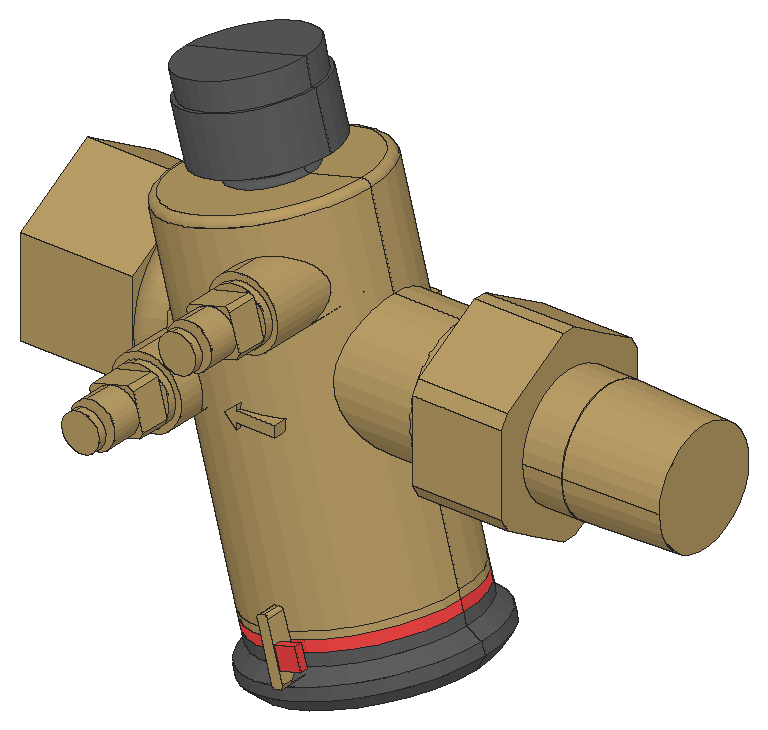
Revit family "M_Valve_Control_MEPcontent_Oventrop_Cocon QTZ Female-Coupling 1146", category Pipe Accessories, Revit 2015
Parameters (values of type "DN 32 (600-3600)")
  r3 = SW1_2 / 2 - Ra2  # 5.037 mm
  r2 = 2.000 mm  # constant formula
  r1 = Lb3 * 2 / 3  # 1.000 mm
  d3 = 8.000 mm  # constant formula
  d2 = 2.000 mm  # constant formula
  d1 = 5.000 mm  # constant formula
  Wholesaler Art. No. = ""
  Wholesaler = ""
  Watermarked By = "www.stabiplan.com"
  Use Nominal Diameter [instance] = no
  built-in parameter 1114242 [instance] = 1
  URL = "www.stabiplan.com"
  Stabu Code = ""
  Revit Version = "2015"  # constant formula
  Product Line = "Oventrop"  # constant formula
  SW2_2 = SW1_2 / sqrt(3 / 4)  # 51.962 mm
  SW2_1_051 = SW2_1_05 - 1.000 mm  # 24.981 mm
  SW2_1_05 = SW2_1 / 2  # 25.981 mm
  SW2_1 = SW1_1 / sqrt(3 / 4)  # 51.962 mm
  SW1_2 = SW1_1  # 45.000 mm
  SW1_1 = 45.000 mm
  Rv4 = Rv1 - 1.000 mm  # 5.000 mm
  Rv3 = (Rv1 + Rv2) / 2  # 7.700 mm
  Rv2 = 9.400 mm  # constant formula
  Rv1 = 6.000 mm  # constant formula
  Red = Color RGB 255-0-0
  Rb5 = Rb4 + 1.000 mm  # 17.500 mm
  Rb4 = 16.500 mm  # constant formula
  Rb3 = 9.000 mm  # constant formula
  Rb2 = Rb1 + (Hb5 / 3)  # 30.158 mm
  Rb1b = Rb1 + 1.000 mm  # 27.825 mm
  Rb1 = (Height1 + Height2) * 18.500 mm / 100.000 mm  # 26.825 mm
  Ra2 = if(NominalDiameter1 > NominalDiameter2, (NominalDiameter1 * 22 / 20) / 2, (NominalDiameter2 * 22 / 20) / 2)  # 17.463 mm
  Ra1b = Ra1 - 1.000 mm  # 14.875 mm
  Ra1 = NominalRadius1  # 15.875 mm
  Pressure Drop = 0.0 Pa
  OuterRadius1 [instance] = OuterDiameter1 / 2  # 21.200 mm
  OuterDiameter1 = 42.400 mm
  NominalRadius2 = NominalRadius1  # 15.875 mm
  NominalRadius1 = 15.875 mm
  NominalRadius [instance] = if(Use Nominal Diameter, NominalRadius1, OuterRadius1)  # 21.200 mm
  NominalDiameter2 = NominalRadius2 * 2  # 31.750 mm
  NominalDiameter1 = NominalRadius1 * 2  # 31.750 mm
  Model = "Cocon QTZ Female-Coupling 1146"
  Manufacturer = "Oventrop"  # constant formula
  MEPcontent Class = "VALVE_CONTROL"  # constant formula
  Lb8 = Rb1 * 13 / 18.5  # 18.850 mm
  Lb3 = 1.500 mm  # constant formula
  Lb2 = 5.000 mm  # constant formula
  Lb1 = Rb1 / 2  # 13.413 mm
  Language = ""
  LMx = L5 + (Rb1 / sin(Angle)) + 1.000 mm  # 58.934 mm
  L5 = NominalDiameter2 * 19 / 20  # 30.163 mm
  L4 = NominalDiameter1 * 15 / 20  # 23.812 mm
  L3 = NominalDiameter1 * 16 / 20  # 25.400 mm
  Length2 = 165.000 mm
  L1_2 = Length1 + 5.000 mm  # 129.000 mm
  Length1 = 124.000 mm
  Internal Art. No. = ""
  IFCExportType = "REGULATING"
  IFCExportAs = "IfcValveType"
  Hb9 = 17.000 mm  # constant formula
  Hb8 = 2.000 mm  # constant formula
  Hb7 = 2.000 mm  # constant formula
  Hb6 = 6.000 mm  # constant formula
  Hb5 = 10.000 mm  # constant formula
  Hb4 = 5.000 mm  # constant formula
  Hb3 = 15.000 mm  # constant formula
  Hb2 = 7.000 mm  # constant formula
  Hb1 = (H4 - Hb2 - Hb3 - Hb4) / 2  # 18.400 mm
  H6 = 74.600 mm
  H5 = Rb1 / tan(Angle)  # 7.188 mm
  H4 = 63.800 mm
  H3 = Rb4 / tan(Angle)  # 4.421 mm
  Height2 = 79.000 mm
  Height1 = 66.000 mm
  GTIN = "4026755340198"
  Function Code [instance] = ""
  Family Version = "10.14"  # constant formula
  ETIM Article Class = "EC011435"
  EMCS Version = "2.0"  # constant formula
  Description = "Flow control valve - with pressure test points"  # constant formula
  Manufacturer URL = "http://www.oventrop.de/ArticleInfo.aspx?art=1146110"
  Custom = no
  Copyright = "© Stabiplan International BV"  # constant formula
  Content Supplier URL = "www.mepcontent.eu"
  CB-NL Class = ""
  Brass = Color RGB 168-128-48
  Black = Color RGB 35-35-35
  Article Type = "Cocon QTZ Female-Coupling 1146"  # constant formula
  Article Description = "Flow control valve - with pressure test points"  # constant formula
  Arrow_2 = Rb1 / 6  # 4.471 mm
  Arrow_1 = Rb1 / 4  # 6.706 mm
  Angle = 75.00°  # constant formula
  Manufacturer Art. No. = "1146110"
Types (7, lengths in mm): name | r3 | Use Nominal Diameter | SW2_2 | SW2_1_051 | SW2_1_05 | SW2_1 | SW1_2 | SW1_1 | Rb2 | Rb1b | Rb1 | Ra2 | Ra1b | Ra1 | OuterRadius1 | OuterDiameter1 | NominalRadius2 | NominalRadius1 | NominalRadius | NominalDiameter2 | NominalDiameter1 | Lb8 | Lb1 | LMx | L5 | L4 | L3 | Length2 | L1_2 | Length1 | Hb1 | H6 | H5 | H4 | Height2 | Height1 | GTIN | Manufacturer URL | Arrow_2 | Arrow_1 | Manufacturer Art. No.
  DN 20 (150-1050) | 4.522 | yes | 34.641 | 16.321 | 17.321 | 34.641 | 30.000 | 30.000 | 21.833 | 19.500 | 18.500 | 10.478 | 8.525 | 9.525 | 13.450 | 26.900 | 9.525 | 9.525 | 9.525 | 19.050 | 19.050 | 13.000 | 9.250 | 38.250 | 18.098 | 14.288 | 15.240 | 106.000 | 79.000 | 74.000 | 11.200 | 44.700 | 4.957 | 49.400 | 48.000 | 52.000 | "4026755306699" | "http://www.oventrop.de/ArticleInfo.aspx?art=1146006" | 3.083 | 4.625 | "1146006"
  DN 15 (30-210) | 5.015 | yes | 27.713 | 12.856 | 13.856 | 27.713 | 24.000 | 24.000 | 21.833 | 19.500 | 18.500 | 6.985 | 5.350 | 6.350 | 10.650 | 21.300 | 6.350 | 6.350 | 6.350 | 12.700 | 12.700 | 13.000 | 9.250 | 32.218 | 12.065 | 9.525 | 10.160 | 98.500 | 75.000 | 70.000 | 11.200 | 44.700 | 4.957 | 49.400 | 48.000 | 52.000 | "4026755244960" | "http://www.oventrop.de/ArticleInfo.aspx?art=1146004" | 3.083 | 4.625 | "1146004"
  DN 20 (180-1300) | 4.522 | yes | 34.641 | 16.321 | 17.321 | 34.641 | 30.000 | 30.000 | 24.146 | 21.813 | 20.813 | 10.478 | 8.525 | 9.525 | 13.450 | 26.900 | 9.525 | 9.525 | 9.525 | 19.050 | 19.050 | 14.625 | 10.406 | 40.644 | 18.098 | 14.288 | 15.240 | 117.500 | 90.500 | 85.500 | 14.300 | 50.900 | 5.577 | 55.600 | 54.500 | 58.000 | "4026755347661" | "http://www.oventrop.de/ArticleInfo.aspx?art=1146106" | 3.469 | 5.203 | "1146106"
  DN 25 (300-2000) | 4.030 | yes | 41.569 | 19.785 | 20.785 | 41.569 | 36.000 | 36.000 | 30.158 | 27.825 | 26.825 | 13.970 | 11.700 | 12.700 | 16.850 | 33.700 | 12.700 | 12.700 | 12.700 | 25.400 | 25.400 | 18.850 | 13.413 | 52.901 | 24.130 | 19.050 | 20.320 | 154.000 | 123.000 | 118.000 | 18.400 | 74.600 | 7.188 | 63.800 | 79.000 | 66.000 | "4026755340181" | "http://www.oventrop.de/ArticleInfo.aspx?art=1146108" | 4.471 | 6.706 | "1146108"
  DN 32 (600-3600) | 5.037 | no | 51.962 | 24.981 | 25.981 | 51.962 | 45.000 | 45.000 | 30.158 | 27.825 | 26.825 | 17.463 | 14.875 | 15.875 | 21.200 | 42.400 | 15.875 | 15.875 | 21.200 | 31.750 | 31.750 | 18.850 | 13.413 | 58.934 | 30.163 | 23.812 | 25.400 | 165.000 | 129.000 | 124.000 | 18.400 | 74.600 | 7.188 | 63.800 | 79.000 | 66.000 | "4026755340198" | "http://www.oventrop.de/ArticleInfo.aspx?art=1146110" | 4.471 | 6.706 | "1146110"
  DN 15 (90-450) | 5.015 | yes | 27.713 | 12.856 | 13.856 | 27.713 | 24.000 | 24.000 | 21.833 | 19.500 | 18.500 | 6.985 | 5.350 | 6.350 | 10.650 | 21.300 | 6.350 | 6.350 | 6.350 | 12.700 | 12.700 | 13.000 | 9.250 | 32.218 | 12.065 | 9.525 | 10.160 | 98.500 | 75.000 | 70.000 | 11.200 | 44.700 | 4.957 | 49.400 | 48.000 | 52.000 | "4026755244977" | "http://www.oventrop.de/ArticleInfo.aspx?art=1146104" | 3.083 | 4.625 | "1146104"
  DN 15 (150-1050) | 5.015 | yes | 27.713 | 12.856 | 13.856 | 27.713 | 24.000 | 24.000 | 21.833 | 19.500 | 18.500 | 6.985 | 5.350 | 6.350 | 10.650 | 21.300 | 6.350 | 6.350 | 6.350 | 12.700 | 12.700 | 13.000 | 9.250 | 32.218 | 12.065 | 9.525 | 10.160 | 98.500 | 75.000 | 70.000 | 11.200 | 44.700 | 4.957 | 49.400 | 48.000 | 52.000 | "4026755244984" | "http://www.oventrop.de/ArticleInfo.aspx?art=1146204" | 3.083 | 4.625 | "1146204"
Reference planes
  plane 1 "Center (Front/Back)": y = 0
  plane 2: z = 0
  plane 3 "Center (Left/Right)": x = 0
  plane 4: x = 57.1
  plane 5: x = -82.5
  plane 6: x = 82.5
  plane 7: x = 46.5
  plane 8: x = -57.1
  plane 9: x = -52.338
  plane 10: x = -23.566
  plane 11: x = 22.688
  plane 12: y = 22.5
  plane 13: y = -22.5
  plane 14: z = 25.981
  plane 15: z = -25.981
  plane 16: y = 22.5
  plane 17: y = -22.5
  plane 18: z = 25.981
  plane 19: z = -25.981
  plane 20: z = 17.463
  plane 21: z = 22.5
  plane 22: x = -47.3
  plane 23: x = 17.65
  plane 24: y = -26.825
  plane 25: y = -31.825
  plane 26: y = -41.825
  plane 27: y = -49.825
  plane 28: y = -29.825
  plane 29: x = -30.272
  plane 30: x = -16.86
  plane 31: y = 27.825
  plane 32: x = -10.154
  plane 33: z = -7
  plane 34: x = -20.213
  plane 35: x = -13.507
  plane 36: y = -27.825
  plane 37: y = -51.825
  plane 38: y = -53.825
  plane 39: y = -33.825
  plane 40: x = -28.55
  plane 41: x = 28.55
  plane 42: z = 48.481
  plane 43: z = 70.981
  plane 44: y = 45
  plane 45: y = 67.5
Forms (mm)
  Blend 1, solid, material "Color RGB 168-128-48" <- "Brass", detail levels fine
    base sketch origin (0, 0, 0) x (0, 1, 0) y (0, 0, 1)
      loop
        circle (0, 0) r 15.875
    top sketch origin (0, 0, 0) x (0, 1, 0) y (0, 0, 1)
      loop
        circle (0, 0) r 14.875
    from 57.1 to 82.5
  Extrusion 2, solid, material "Color RGB 168-128-48" <- "Brass", detail levels fine
    sketch origin (0, 0, 0) x (0, 1, 0) y (0, 0, 1)
      loop
        circle (0, 0) r 15.875
    from 46.5 to 57.1
  Extrusion 3, solid, material "Color RGB 168-128-48" <- "Brass", detail levels fine
    sketch origin (0, 0, 0) x (0, 1, 0) y (0, 0, 1)
      loop
        circle (0, 0) r 17.463
    from -57.1 to -52.338
  Extrusion 4, solid, material "Color RGB 168-128-48" <- "Brass", detail levels fine
    sketch origin (0, 0, 0) x (0, 1, 0) y (0, 0, 1)
      loop
        line (0, 25.981) -> (-22.5, 12.99) -> (-22.5, -12.99) -> (0, -25.981) -> (22.5, -12.99) -> (22.5, 12.99) -> (0, 25.981)
    from 22.687 to 46.5
  Extrusion 5, void
    sketch origin (0, 0, 0) x (0, 1, 0) y (0, 0, 1)
      loop
        circle (0, 0) r 25.981
      loop
        circle (0, 0) r 24.981
    from 0 to 57.1
  Extrusion 6, solid, material "Color RGB 168-128-48" <- "Brass", detail levels fine
    sketch origin (0, 0, 0) x (0, 1, 0) y (0, 0, 1)
      loop
        line (0, 25.981) -> (-22.5, 12.99) -> (-22.5, -12.99) -> (0, -25.981) -> (22.5, -12.99) -> (22.5, 12.99) -> (0, 25.981)
    from -82.5 to -52.338
  Revolve 7, solid, material "Color RGB 35-35-35" <- "Black", detail levels fine
    sketch origin (-23.566, 0, 0) x (-0.258819, 0, 0.965926) y (-0.965926, 0, -0.258819)
      loop
        line (63.8, 0) -> (36.8, 0) -> (36.8, -10.667)
        arc (36.8, -10.667) -> (37.288, -9.488) -> (38.467, -9) r 1.667
        line (38.467, -9) -> (40.133, -9)
        arc (40.133, -9) -> (41.312, -9.488) -> (41.8, -10.667) r 1.667
        line (41.8, -10.667) -> (41.8, -17.5) -> (56.8, -17.5) -> (56.8, -16.5) -> (63.8, -16.5) -> (63.8, 0)
      axis (36.8, 0) -> (63.8, 0)
    angle from 0 to 360
  Revolve 8, solid, material "Color RGB 35-35-35" <- "Black", detail levels fine
    sketch origin (-23.566, 0, 0) x (-0.258819, 0, 0.965926) y (-0.965926, 0, -0.258819)
      loop
        line (-74.6, 0) -> (-74.6, -26.825) -> (-71.267, -30.158) -> (-67.933, -30.158) -> (-64.6, -26.825) -> (-61.6, -26.825) -> (-61.6, 0) -> (-74.6, 0)
      axis (-74.6, 0) -> (-61.6, 0)
    angle from 0 to 360
  Revolve 9, solid, material "Color RGB 255-0-0" <- "Red", detail levels fine
    sketch origin (-23.566, 0, 0) x (-0.258819, 0, 0.965926) y (-0.965926, 0, -0.258819)
      loop
        line (-61.6, 0) -> (-61.6, -26.825) -> (-58.6, -26.825) -> (-58.6, 0) -> (-61.6, 0)
      axis (-61.6, 0) -> (-58.6, 0)
    angle from 0 to 360
  Revolve 10, solid, material "Color RGB 168-128-48" <- "Brass", detail levels fine
    sketch origin (-23.566, 0, 0) x (-0.258819, 0, 0.965926) y (-0.965926, 0, -0.258819)
      loop
        line (-56.6, 0) -> (-58.6, 0) -> (-58.6, -26.825) -> (-56.6, -26.825) -> (-56.6, 0)
      axis (-58.6, 0) -> (-56.6, 0)
    angle from 0 to 360
  Revolve 11, solid, material "Color RGB 168-128-48" <- "Brass", detail levels fine
    sketch origin (-23.566, 0, 0) x (-0.258819, 0, 0.965926) y (-0.965926, 0, -0.258819)
      loop
        line (-56.6, 0) -> (-56.6, -26.825) -> (34.8, -26.825)
        arc (34.8, -26.825) -> (36.214, -26.239) -> (36.8, -24.825) r 2
        line (36.8, -24.825) -> (36.8, 0) -> (-56.6, 0)
      axis (-56.6, 0) -> (36.8, 0)
    angle from 0 to 360
  Revolve 12, solid, material "Color RGB 168-128-48" <- "Brass", detail levels fine
    sketch origin (0, 0, 0) x (1, 0, 0) y (0, 0, 1)
      loop
        line (-52.338, 22.5) -> (-57.1, 22.5) -> (-57.1, 0) -> (46.5, 0) -> (46.5, 22.5) -> (22.688, 22.5)
        arc (22.688, 22.5) -> (21.212, 18.938) -> (17.65, 17.463) r 5.037
        line (17.65, 17.463) -> (-47.3, 17.463)
        arc (-47.3, 17.463) -> (-50.862, 18.938) -> (-52.338, 22.5) r 5.038
      axis (-57.1, 0) -> (46.5, 0)
    angle from 0 to 360
  Extrusion 13, solid, material "Color RGB 168-128-48" <- "Brass", detail levels fine
    sketch origin (-23.566, 0, 0) x (-0.258819, 0, 0.965926) y (-0.965926, 0, -0.258819)
      loop
        circle (18.4, -13.412) r 9.4
      loop
        circle (-2, 18.85) r 9.4
    from 0 to 31.825
  Extrusion 14, solid, material "Color RGB 168-128-48" <- "Brass", detail levels fine
    sketch origin (-23.566, 0, 0) x (-0.258819, 0, 0.965926) y (-0.965926, 0, -0.258819)
      loop
        circle (18.4, -13.412) r 6
      loop
        circle (-2, 18.85) r 6
    from 41.825 to 49.825
  Extrusion 15, solid, material "Color RGB 168-128-48" <- "Brass", detail levels fine
    sketch origin (-23.566, 0, 0) x (-0.258819, 0, 0.965926) y (-0.965926, 0, -0.258819)
      loop
        line (12.4, -7.412) -> (12.4, -19.413) -> (24.4, -19.413) -> (24.4, -7.412) -> (12.4, -7.412)
      loop
        line (-8, 24.85) -> (-8, 12.85) -> (4, 12.85) -> (4, 24.85) -> (-8, 24.85)
    from 33.825 to 41.825
  Extrusion 16, void
    sketch origin (-23.566, 0, 0) x (0.258819, 0, -0.965926) y (-0.965926, 0, -0.258819)
      loop
        circle (-18.4, -13.412) r 7.7
      loop
        circle (-18.4, -13.412) r 9.4
    from -41.825 to -33.825
  Extrusion 17, void
    sketch origin (-23.566, 0, 0) x (0.258819, 0, -0.965926) y (-0.965926, 0, -0.258819)
      loop
        circle (2, 18.85) r 7.7
      loop
        circle (2, 18.85) r 9.4
    from -41.825 to -33.825
  Extrusion 18, solid, material "Color RGB 168-128-48" <- "Brass", detail levels fine
    sketch origin (-23.566, 0, 0) x (-0.258819, 0, 0.965926) y (-0.965926, 0, -0.258819)
      loop
        arc (-51.933, -1.5) -> (-51.226, -1.207) -> (-50.933, -0.5) r 1
        line (-50.933, -0.5) -> (-50.933, 0.5)
        arc (-50.933, 0.5) -> (-51.226, 1.207) -> (-51.933, 1.5) r 1
        line (-51.933, 1.5) -> (-66.933, 1.5)
        arc (-66.933, 1.5) -> (-67.64, 1.207) -> (-67.933, 0.5) r 1
        line (-67.933, 0.5) -> (-67.933, -0.5)
        arc (-67.933, -0.5) -> (-67.64, -1.207) -> (-66.933, -1.5) r 1
        line (-66.933, -1.5) -> (-51.933, -1.5)
    from 0 to 31.825
  Extrusion 19, solid, material "Color RGB 255-0-0" <- "Red", detail levels fine
    sketch origin (-23.566, 0, 0) x (-0.258819, 0, 0.965926) y (-0.965926, 0, -0.258819)
      loop
        line (-57.6, -1.5) -> (-63.6, -1.5) -> (-63.6, -7.329) -> (-57.6, -7.329) -> (-57.6, -1.5)
    from 29.825 to 31.825
  Extrusion 20, solid, material "Color RGB 168-128-48" <- "Brass", detail levels fine
    sketch origin (0, 0, 0) x (1, 0, 0) y (0, 0, 1)
      loop
        line (-10.154, 2.235) -> (-23.566, 2.235) -> (-23.566, 4.471) -> (-30.272, 0) -> (-23.566, -4.471) -> (-23.566, -2.235) -> (-10.154, -2.235) -> (-10.154, 2.235)
    from 0 to -27.825
  Extrusion 21, solid, material "Color RGB 168-128-48" <- "Brass", detail levels fine
    sketch origin (0, 0, 0) x (1, 0, 0) y (0, 0, 1)
      loop
        line (-23.566, -7) -> (-20.213, -9.981) -> (-20.213, -8.49) -> (-10.154, -8.49) -> (-10.154, -5.51) -> (-20.213, -5.51) -> (-20.213, -4.019) -> (-23.566, -7)
    from 0 to 27.825
  Extrusion 22, solid, material "Color RGB 168-128-48" <- "Brass", detail levels fine
    sketch origin (-23.566, 0, 0) x (-0.258819, 0, 0.965926) y (-0.965926, 0, -0.258819)
      loop
        circle (-2, 18.85) r 5
      loop
        circle (18.4, -13.413) r 5
    from 51.825 to 53.825
  Extrusion 23, solid, material "Color RGB 202-154-58", detail levels fine
    sketch origin (-23.566, 0, 0) x (-0.258819, 0, 0.965926) y (-0.965926, 0, -0.258819)
      loop
        circle (18.4, -13.412) r 2
      loop
        circle (-2, 18.85) r 2
    from 49.825 to 51.825
  Extrusion 24, solid, material "Color RGB 168-128-48" <- "Brass", detail levels fine
    sketch origin (-23.566, 0, 0) x (-0.258819, 0, 0.965926) y (-0.965926, 0, -0.258819)
      loop
        circle (-2, 18.85) r 7.7
      loop
        circle (18.4, -13.412) r 7.7
    from 33.825 to 31.825
  Extrusion 25, void
    sketch origin (0, 0, 0) x (0, 1, 0) y (0, 0, 1)
      loop
        circle (0, 0) r 21.2
    from -57.1 to -82.5
Cuts and joins
  Extrusion 17, Extrusion 25 cuts Extrusion 3
  Extrusion 16, Extrusion 17 cuts Extrusion 15
  Extrusion 5, Extrusion 25 cuts Extrusion 4
  Extrusion 25 cuts Extrusion 6
  Extrusion 25 cuts Revolve 12
  joined: Extrusion 4, Extrusion 6, Revolve 12
  Extrusion 25 cuts Revolve 11
  Extrusion 25 cuts Extrusion 18
  Extrusion 25 cuts Extrusion 20
  Extrusion 25 cuts Extrusion 21
  joined: Revolve 11, Extrusion 18, Extrusion 20, Extrusion 21
  Extrusion 25 cuts Extrusion 13
Lines and regions (mm)
  reference lines
    curve 1: line (0, 45, 0) -> (0, 0, 25.981)
    curve 2: line (0, 0, -25.981) -> (0, -45, 0)
    curve 3: line (0, 0, 25.981) -> (0, -45, 0)
    curve 4: line (0, 45, 0) -> (0, 0, -25.981)
    curve 5: line (0, 0, 25.981) -> (0, -45, 0)
    curve 6: line (0, 0, -25.981) -> (0, 45, 0)
    curve 7: line (0, 0, 25.981) -> (0, 45, 0)
    curve 8: line (0, 0, -25.981) -> (0, -45, 0)
    curve 9: line (-23.566, 0, 0) -> (-45.566, 0, 82.104)
    curve 10: line (-23.566, 0, 0) -> (0.899, 0, -91.305)
    curve 11: line (-71.793, 0, 45.881) -> (-2.734, 0, 64.386)
    curve 12: line (1.148, 0, 49.897) -> (-67.911, 0, 31.392)
    curve 13: line (1.579, 0, 48.287) -> (-67.479, 0, 29.783)
    curve 14: line (2.011, 0, 46.677) -> (-67.048, 0, 28.173)
    curve 15: line (2.442, 0, 45.067) -> (-66.617, 0, 26.563)
    curve 16: line (7.204, 0, 27.294) -> (-61.854, 0, 8.79)
    curve 17: line (-4.546, 0, 71.147) -> (-73.605, 0, 52.643)
    curve 18: line (-42.443, 0, -63.655) -> (26.616, 0, -45.15)
    curve 19: line (-41.925, 0, -65.587) -> (27.134, 0, -47.082)
    curve 20: line (-41.149, 0, -68.484) -> (27.91, 0, -49.98)
    curve 21: line (-40.372, 0, -71.382) -> (28.686, 0, -52.878)
    curve 22: line (29.549, 0, -56.098) -> (-39.51, 0, -74.602)
    curve 23: line (31.275, 0, -62.537) -> (-37.784, 0, -81.041)
    curve 24: line (30.412, 0, -59.317) -> (-38.647, 0, -77.822)
    curve 25: line (-36.873, 0, 84.433) -> (-14.873, 0, 2.329)
    curve 26: line (-29.628, 0, 86.374) -> (-7.628, 0, 4.271)
    curve 27: line (-28.662, 0, 86.633) -> (-6.663, 0, 4.529)
    curve 28: line (2.345, 0, 6.943) -> (26.81, 0, -84.362)
    curve 29: line (5.564, 0, 7.806) -> (30.03, 0, -83.499)
    curve 30: line (-56.575, 0, -10.915) -> (12.484, 0, 7.589)
    curve 31: line (-43.7, 0, 2.309) -> (-40.299, 0, -10.383)
    curve 32: line (-15.089, 0, 20.183) -> (-9.136, 0, -2.033)
    curve 33: line (-10.228, 0, -43.982) -> (0.124, 0, -82.619)
    curve 34: line (-20.603, 0, -51.936) -> (-5.108, 0, -47.784)
    curve 35: line (-2.19, 0, -51.459) -> (1.552, 0, -65.426)
    curve 36: line (-42.184, 0, -64.621) -> (26.875, 0, -46.116)
  model lines, style "Accessories", detail levels coarse+medium
    curve 37: line (-57.1, 22.5, 0) -> (-57.1, -22.5, 0)
    curve 38: line (57.1, 22.5, 0) -> (57.1, -22.5, 0)
    curve 39: line (0, 0, 0) -> (0, 45, 0)
    curve 40: line (-28.55, 45, 0) -> (28.55, 45, 0)
    curve 41: line (28.55, 45, 0) -> (28.55, 67.5, 0)
    curve 42: line (28.55, 67.5, 0) -> (-28.55, 67.5, 0)
    curve 43: line (-28.55, 67.5, 0) -> (-28.55, 45, 0)
    curve 44: line (-57.1, 22.5, 0) -> (57.1, -22.5, 0)
    curve 45: line (57.1, 22.5, 0) -> (-57.1, -22.5, 0)
    curve 46: circle (0, 0, 0) r 15.875 normal (1, 0, 0)
    curve 47: line (-57.1, 0, 25.981) -> (-57.1, 0, -25.981)
    curve 48: line (57.1, 0, -25.981) -> (57.1, 0, 25.981)
    curve 49: line (0, 0, 48.481) -> (0, 0, 0)
    curve 50: line (-28.55, 0, 48.481) -> (28.55, 0, 48.481)
    curve 51: line (28.55, 0, 48.481) -> (28.55, 0, 70.981)
    curve 52: line (28.55, 0, 70.981) -> (-28.55, 0, 70.981)
    curve 53: line (-28.55, 0, 70.981) -> (-28.55, 0, 48.481)
    curve 54: line (-57.1, 0, 25.981) -> (57.1, 0, -25.981)
    curve 55: line (57.1, 0, 25.981) -> (-57.1, 0, -25.981)
Dimensions and locks
  "L3": plane 5 to plane 8
  "L3": plane 6 to plane 4
  "L5": plane 5 to plane 9
  "L1_2": plane 7 to plane 5
  "Length2": plane 6 to plane 5
  equal spacing: plane 4, plane 3 "Center (Left/Right)", plane 8
  "LMx": plane 5 to plane 10
  "L4": plane 7 to plane 11
  equal spacing: plane 14, level, plane 15
  "SW2_1": plane 14 to plane 15
  equal spacing: plane 12, plane 1 "Center (Front/Back)", plane 13
  "SW1_1": plane 12 to plane 13
  equal spacing: curve 2, plane 1 "Center (Front/Back)", curve 1
  "SW1_1": curve 2 to curve 1
  equal spacing: plane 18, level, plane 19
  "SW2_2": plane 19 to plane 18
  equal spacing: plane 16, plane 1 "Center (Front/Back)", plane 17
  "SW1_2": plane 16 to plane 17
  equal spacing: curve 6, plane 1 "Center (Front/Back)", curve 5
  "SW1_2": curve 5 to curve 6
  "Hb1": curve 16 to curve 10
  "H4": curve 17 to curve 10
  "Hb2": curve 17 to curve 11
  "Hb3": curve 12 to curve 11
  equal spacing: curve 12, curve 13, curve 14, curve 15
  "Hb4": curve 12 to curve 15
  "H6": curve 10 to curve 23
  "Hb5": curve 21 to curve 23
  equal spacing: curve 23, curve 24, curve 22, curve 21
  equal spacing: curve 21, curve 20, curve 19
  "Hb6": curve 21 to curve 19
  "Hb7": curve 19 to curve 18
  "Rb3": curve 25 to curve 9
  "Rb4": curve 26 to curve 9
  "Rb5": curve 27 to curve 9
  "Rb1": curve 28 to curve 9
  "Rb2": curve 29 to curve 9
  "Ra2": plane 20 to level
  "r3": plane 21 to plane 20
  "r3": plane 9 to plane 22
  "r3": plane 11 to plane 23
  "Hb8": curve 30 to curve 10
  "Lb8": curve 9 to curve 31
  "Lb1": curve 32 to curve 9
  equal spacing: Extrusion 15 sketch curve, curve 30, Extrusion 15 sketch curve
  equal spacing: Extrusion 15 sketch curve, curve 31, Extrusion 15 sketch curve
  "Rv1": curve 31 to Extrusion 15 sketch curve
  "Rv1": curve 30 to Extrusion 15 sketch curve
  equal spacing: Extrusion 15 sketch curve, curve 16, Extrusion 15 sketch curve
  "Rv1": Extrusion 15 sketch curve to curve 16
  equal spacing: Extrusion 15 sketch curve, curve 32, Extrusion 15 sketch curve
  "Rv1": curve 32 to Extrusion 15 sketch curve
  "Rb1": plane 1 "Center (Front/Back)" to plane 24
  "d1": plane 24 to plane 25
  "d3": plane 39 to plane 26
  "d3": plane 26 to plane 27
  "Lb3": curve 33 to curve 9
  "Hb9": curve 22 to curve 34
  equal spacing: Extrusion 18 sketch curve, curve 10, curve 33
  equal spacing: curve 19, curve 36, curve 18
  "Hb6": Extrusion 19 sketch curve to curve 36
  "d2": plane 28 to plane 25
  locked: curve 16 to Extrusion 14 sketch curve
  locked: curve 16 to Extrusion 16 sketch curve at 0  (x2)
  locked: curve 16 to Extrusion 13 sketch curve
  locked: Extrusion 16 sketch curve to curve 32 at 0  (x2)
  locked: Extrusion 14 sketch curve to curve 32 at 0
  locked: curve 31 to Extrusion 17 sketch curve at 0  (x2)
  locked: curve 31 to Extrusion 14 sketch curve at 0
  locked: curve 31 to Extrusion 13 sketch curve at 0
  locked: Extrusion 13 sketch curve to curve 32 at 0
  "Arrow_1": plane 30 to plane 10
  "Arrow_1": Extrusion 20 sketch curve to Extrusion 20 sketch curve
  equal spacing: Extrusion 20 sketch curve, Extrusion 20 sketch curve, level, Extrusion 20 sketch curve, Extrusion 20 sketch curve
  "Rb1b": plane 31 to plane 1 "Center (Front/Back)"
  "Hb2": level to plane 33
  equal spacing: plane 32, plane 35, plane 30, plane 34, plane 10
  equal spacing: plane 30, plane 10, plane 29
  equal spacing: Extrusion 21 sketch curve, Extrusion 21 sketch curve, plane 33, Extrusion 21 sketch curve, Extrusion 21 sketch curve
  "Arrow_2": Extrusion 21 sketch curve to Extrusion 21 sketch curve
  "Rb1b": plane 1 "Center (Front/Back)" to plane 36
  "d2": plane 27 to plane 37
  "d2": plane 37 to plane 38
  locked: curve 16 to Extrusion 22 sketch curve
  locked: curve 32 to Extrusion 22 sketch curve at 0
  locked: curve 30 to Extrusion 22 sketch curve at 0
  locked: curve 31 to Extrusion 22 sketch curve at 0
  locked: curve 31 to Extrusion 23 sketch curve at 0
  locked: curve 32 to Extrusion 23 sketch curve at 0
  locked: curve 16 to Extrusion 23 sketch curve
  locked: curve 30 to Extrusion 23 sketch curve
  "d2": plane 25 to plane 39
  locked: curve 30 to Extrusion 24 sketch curve at 0
  locked: curve 31 to Extrusion 24 sketch curve at 0
  locked: curve 32 to Extrusion 24 sketch curve at 0
  locked: curve 16 to Extrusion 24 sketch curve
  "SW1_1": plane 12 to plane 45
  equal spacing: plane 12, plane 44, plane 45
  "SW1_1": plane 43 to plane 14
  equal spacing: plane 43, plane 42, plane 14
  equal spacing: plane 41, plane 3 "Center (Left/Right)", plane 40, plane 8
  "Ra1": radius of Blend 1 sketch curve
  "Ra1b": radius of Blend 1 sketch curve
  "Ra1": radius of Extrusion 2 sketch curve
  "Ra2": radius of Extrusion 3 sketch curve
  "SW2_1_05": radius of Extrusion 5 sketch curve
  "SW2_1_051": radius of Extrusion 5 sketch curve
  "r2": radius of Revolve 11 sketch curve
  "Rv2": radius of Extrusion 13 sketch curve  (x2)
  "Rv1": radius of Extrusion 14 sketch curve  (x2)
  "Rv3": radius of Extrusion 16 sketch curve
  "Rv2": radius of Extrusion 16 sketch curve
  "Rv3": radius of Extrusion 17 sketch curve
  "Rv2": radius of Extrusion 17 sketch curve
  "r1": radius of Extrusion 18 sketch curve  (x4)
  "Rv4": radius of Extrusion 22 sketch curve  (x2)
  "r2": radius of Extrusion 23 sketch curve  (x2)
  "Rv3": radius of Extrusion 24 sketch curve  (x2)
  "NominalRadius1": radius of curve 46
  "NominalRadius": radius of Extrusion 25 sketch curve
  "Angle": angle curve 9 to level
  locked: curve 11 to curve 9 (angle 90.00°)
  aligned and locked: level to plane 2
  aligned and locked: plane 6 to Blend 1
  aligned and locked: Blend 1 to plane 4
  aligned and locked: Extrusion 2 to plane 7
  aligned and locked: plane 4 to Extrusion 2
  aligned and locked: plane 1 "Center (Front/Back)" to curve 1
  aligned and locked: Extrusion 4 sketch curve to curve 3
  aligned and locked: plane 13 to Extrusion 4 sketch curve
  aligned and locked: Extrusion 4 sketch curve to curve 2
  aligned and locked: Extrusion 4 sketch curve to curve 4
  aligned and locked: Extrusion 4 sketch curve to plane 12
  aligned and locked: curve 1 to Extrusion 4 sketch curve
  aligned and locked: plane 7 to Extrusion 4
  aligned and locked: Extrusion 4 to plane 11
  aligned and locked: plane 4 to Extrusion 5
  aligned and locked: Extrusion 5 to plane 3 "Center (Left/Right)"
  aligned and locked: plane 18 to curve 5
  aligned and locked: level to curve 5
  aligned and locked: level to curve 6
  aligned and locked: Extrusion 6 sketch curve to curve 5
  aligned and locked: plane 17 to Extrusion 6 sketch curve
  aligned and locked: Extrusion 6 sketch curve to curve 8
  aligned and locked: Extrusion 6 sketch curve to curve 6
  aligned and locked: Extrusion 6 sketch curve to plane 16
  aligned and locked: Extrusion 6 sketch curve to curve 7
  aligned and locked: plane 5 to Extrusion 6
  aligned and locked: Extrusion 6 to plane 9
  aligned and locked: Extrusion 3 to plane 8
  aligned and locked: plane 10 to curve 9
  aligned and locked: plane 2 to curve 9
  aligned and locked: curve 10 to curve 9
  aligned and locked: curve 12 to curve 11  (x2)
  aligned and locked: curve 13 to curve 11  (x2)
  aligned and locked: curve 14 to curve 11  (x2)
  aligned and locked: curve 15 to curve 11  (x2)
  aligned and locked: curve 16 to curve 11  (x2)
  aligned and locked: curve 11 to curve 17  (x2)
  aligned and locked: curve 18 to curve 11  (x2)
  aligned and locked: curve 19 to curve 11  (x2)
  aligned and locked: curve 20 to curve 11  (x2)
  aligned and locked: curve 21 to curve 11  (x2)
  aligned and locked: curve 22 to curve 11  (x2)
  aligned and locked: curve 23 to curve 11  (x2)
  aligned and locked: curve 24 to curve 11  (x2)
  aligned and locked: curve 25 to curve 9  (x2)
  aligned and locked: curve 26 to curve 9  (x2)
  aligned and locked: curve 27 to curve 9  (x2)
  aligned and locked: Revolve 7 sketch curve to curve 17
  aligned and locked: curve 26 to Revolve 7 sketch curve
  aligned and locked: curve 11 to Revolve 7 sketch curve
  aligned and locked: curve 27 to Revolve 7 sketch curve
  aligned and locked: curve 12 to Revolve 7 sketch curve
  aligned and locked: curve 13 to Revolve 7 sketch curve
  aligned and locked: curve 14 to Revolve 7 sketch curve
  aligned and locked: curve 25 to Revolve 7 sketch curve
  aligned and locked: Revolve 7 sketch curve to curve 15
  aligned and locked: curve 9 to Revolve 7 sketch curve  (x2)
  aligned and locked: curve 28 to curve 9
  aligned and locked: curve 10 to curve 28
  aligned and locked: curve 29 to curve 9
  aligned and locked: curve 10 to curve 29
  aligned and locked: curve 28 to Revolve 8 sketch curve
  aligned and locked: Revolve 8 sketch curve to curve 23
  aligned and locked: curve 24 to Revolve 8 sketch curve
  aligned and locked: curve 22 to Revolve 8 sketch curve
  aligned and locked: Revolve 8 sketch curve to curve 29
  aligned and locked: Revolve 8 sketch curve to curve 9
  aligned and locked: curve 20 to Revolve 9 sketch curve
  aligned and locked: Revolve 9 sketch curve to curve 28
  aligned and locked: Revolve 9 sketch curve to curve 19
  aligned and locked: curve 10 to Revolve 9 sketch curve
  aligned and locked: Revolve 9 sketch curve to curve 9
  aligned and locked: curve 21 to Revolve 8 sketch curve
  aligned and locked: Revolve 8 sketch curve to curve 28
  aligned and locked: Revolve 8 sketch curve to curve 20
  aligned and locked: curve 10 to Revolve 8 sketch curve
  aligned and locked: curve 18 to Revolve 10 sketch curve
  aligned and locked: curve 28 to Revolve 10 sketch curve
  aligned and locked: Revolve 10 sketch curve to curve 19
  aligned and locked: Revolve 10 sketch curve to curve 10
  aligned and locked: Revolve 10 sketch curve to curve 9
  aligned and locked: curve 18 to Revolve 11 sketch curve
  aligned and locked: Revolve 11 sketch curve to curve 10
  aligned and locked: Revolve 11 sketch curve to curve 28
  aligned and locked: curve 15 to Revolve 11 sketch curve
  aligned and locked: Revolve 11 sketch curve to curve 9
  aligned and locked: Extrusion 3 to plane 9
  aligned and locked: plane 9 to Revolve 12 sketch curve
  aligned and locked: plane 21 to Revolve 12 sketch curve
  aligned and locked: plane 22 to Revolve 12 sketch curve
  aligned and locked: Revolve 12 sketch curve to plane 20
  aligned and locked: plane 11 to Revolve 12 sketch curve
  aligned and locked: Revolve 12 sketch curve to plane 21
  aligned and locked: Revolve 12 sketch curve to plane 7
  aligned and locked: plane 2 to Revolve 12 sketch curve
  aligned and locked: plane 8 to Revolve 12 sketch curve
  aligned and locked: Revolve 12 sketch curve to level
  aligned and locked: curve 30 to curve 11  (x2)
  aligned and locked: plane 26 to Extrusion 15
  aligned and locked: plane 27 to Extrusion 14
  aligned and locked: Extrusion 14 to plane 26
  aligned and locked: Extrusion 16 to Extrusion 14
  aligned and locked: Extrusion 17 to Extrusion 14
  aligned and locked: curve 33 to Extrusion 18 sketch curve
  aligned and locked: curve 22 to Extrusion 18 sketch curve
  aligned and locked: curve 34 to Extrusion 18 sketch curve
  aligned and locked: Extrusion 18 to plane 25
  aligned and locked: curve 12 to curve 36
  aligned and locked: curve 36 to curve 11
  aligned and locked: curve 36 to Extrusion 19 sketch curve
  aligned and locked: curve 35 to Extrusion 19 sketch curve
  aligned and locked: Extrusion 19 sketch curve to curve 33
  aligned and locked: Extrusion 19 to plane 25
  aligned and locked: plane 28 to Extrusion 19
  aligned and locked: plane 25 to Extrusion 13
  aligned and locked: plane 10 to Extrusion 20 sketch curve
  aligned and locked: plane 29 to Extrusion 20 sketch curve
  aligned and locked: plane 2 to Extrusion 20 sketch curve
  aligned and locked: Extrusion 20 sketch curve to plane 10
  aligned and locked: Extrusion 20 to plane 31
  aligned and locked: Extrusion 20 sketch curve to plane 32
  aligned and locked: plane 10 to Extrusion 21 sketch curve
  aligned and locked: Extrusion 21 sketch curve to plane 32
  aligned and locked: Extrusion 21 sketch curve to plane 34
  aligned and locked: plane 34 to Extrusion 21 sketch curve
  aligned and locked: plane 33 to Extrusion 21 sketch curve
  aligned and locked: plane 36 to Extrusion 21
  aligned and locked: Extrusion 22 to plane 37
  aligned and locked: Extrusion 22 to plane 38
  aligned and locked: Extrusion 23 to plane 27
  aligned and locked: plane 37 to Extrusion 23
  aligned and locked: Extrusion 16 to plane 39
  aligned and locked: Extrusion 15 to plane 39
  aligned and locked: cut or joined group of Extrusion 15, Extrusion 16, Extrusion 17 to Extrusion 17
  aligned and locked: Extrusion 24 to plane 25
  aligned and locked: Extrusion 24 to plane 39
  aligned and locked: plane 12 to curve 37
  aligned and locked: plane 13 to curve 37
  aligned and locked: curve 37 to plane 8
  aligned and locked: plane 12 to curve 38
  aligned and locked: plane 13 to curve 38
  aligned and locked: curve 38 to plane 4
  aligned and locked: plane 1 "Center (Front/Back)" to curve 39
  aligned and locked: plane 44 to curve 39
  aligned and locked: plane 3 "Center (Left/Right)" to curve 39
  aligned and locked: curve 40 to plane 44
  aligned and locked: curve 41 to plane 41
  aligned and locked: curve 42 to plane 45
  aligned and locked: curve 43 to plane 40
  aligned and locked: plane 14 to curve 47
  aligned and locked: plane 15 to curve 47
  aligned and locked: curve 47 to plane 8
  aligned and locked: plane 15 to curve 48
  aligned and locked: plane 14 to curve 48
  aligned and locked: plane 4 to curve 48
  aligned and locked: plane 42 to curve 49
  aligned and locked: plane 2 to curve 49
  aligned and locked: curve 49 to plane 3 "Center (Left/Right)"
  aligned and locked: curve 50 to plane 42
  aligned and locked: curve 51 to plane 41
  aligned and locked: curve 52 to plane 43
  aligned and locked: curve 53 to plane 40
  aligned and locked: plane 8 to Extrusion 25
Automatic sketch dimensions
  Revolve 9 sketch curve to curve 9 = 0.000 mm  (x2)
  Revolve 8 sketch curve to curve 9 = 0.000 mm  (x2)
  Revolve 10 sketch curve to curve 9 = 0.000 mm  (x2)
  curve 9 to Revolve 7 sketch curve = 34.579 mm
  Revolve 7 sketch curve to curve 9 = 0.000 mm
  plane 5 to Revolve 12 sketch curve = 1298.990 mm
  plane 6 to Revolve 12 sketch curve = 1845.983 mm
  Revolve 7 sketch curve to Revolve 7 sketch curve = 6.833 mm
  Revolve 7 sketch curve to Revolve 7 sketch curve = 0.000 mm
  curve 46 to level = 0.000 mm
  curve 46 to plane 1 "Center (Front/Back)" = 0.000 mm
  Blend 1 sketch curve to level = 0.000 mm  (x2)
  Blend 1 sketch curve to plane 1 "Center (Front/Back)" = 0.000 mm  (x2)
  Extrusion 2 sketch curve to level = 0.000 mm
  Extrusion 2 sketch curve to plane 1 "Center (Front/Back)" = 0.000 mm
  Extrusion 3 sketch curve to level = 0.000 mm
  Extrusion 3 sketch curve to plane 1 "Center (Front/Back)" = 0.000 mm
  Extrusion 5 sketch curve to Extrusion 5 sketch curve = 0.000 mm  (x2)
  Extrusion 5 sketch curve to level = 0.000 mm
  Extrusion 5 sketch curve to plane 1 "Center (Front/Back)" = 0.000 mm
  curve 10 to curve 9 = 0.000 mm
  curve 33 to curve 34 = 35.002 mm
  curve 29 to curve 23 = 19.926 mm
  curve 9 to curve 35 = 7.329 mm
  curve 33 to curve 35 = 16.237 mm
  curve 35 to curve 34 = 4.304 mm
  curve 34 to curve 33 = 4.998 mm
  curve 31 to curve 9 = 5.699 mm
  curve 32 to curve 9 = 5.699 mm
  curve 9 to curve 31 = 7.442 mm
  curve 9 to curve 32 = 17.302 mm
  curve 30 to curve 9 = 36.786 mm
  curve 35 to curve 34 = 1.867 mm
  curve 34 to curve 9 = 10.579 mm
  Revolve 11 sketch curve to curve 9 = 0.000 mm  (x2)
  Extrusion 13 sketch curve to curve 9 = 2.000 mm
  Extrusion 14 sketch curve to curve 9 = 2.000 mm
  Extrusion 17 sketch curve to Extrusion 17 sketch curve = 0.000 mm
  curve 9 to Extrusion 17 sketch curve = 2.000 mm
  Extrusion 25 sketch curve to level = 0.000 mm
  Extrusion 25 sketch curve to plane 1 "Center (Front/Back)" = 0.000 mm
Connectors
  piping at (57.1, 0, 0), diameter 42.4, driven by "NominalRadius"
    settings: on Extrusion 2, index 1, connector inside diameter 12.700 mm, connector length 0.000 mm, flow factor 0, pipe flow 0.0 L/s, pressure drop 0.0 Pa, fitting loss kfactor 0, connector angle 0.00°, fixture units 0, engagement length 0.000 mm, angle of deflection 0.00°, flow configuration 0, flow direction 1, fitting loss method 4, system type 29, joint type 0, gender type 0, connector reference index 2, connector utility 0, adjustable connector no, is connector primary yes, connector description "Global In"
  piping at (-57.1, 0, 0), diameter 42.4, driven by "NominalRadius", driven by "Pressure Drop"
    settings: on cut or joined group of Extrusion 3, Extrusion 17, Extrusion 25, index 2, connector inside diameter 12.700 mm, connector length 0.000 mm, flow factor 0, pipe flow 0.0 L/s, pressure drop 0.0 Pa, fitting loss kfactor 0, connector angle 0.00°, fixture units 0, engagement length 0.000 mm, angle of deflection 0.00°, flow configuration 0, flow direction 2, fitting loss method 4, system type 29, joint type 0, gender type 0, connector reference index 1, connector utility 0, adjustable connector no, is connector primary no, connector description "Global Out"
